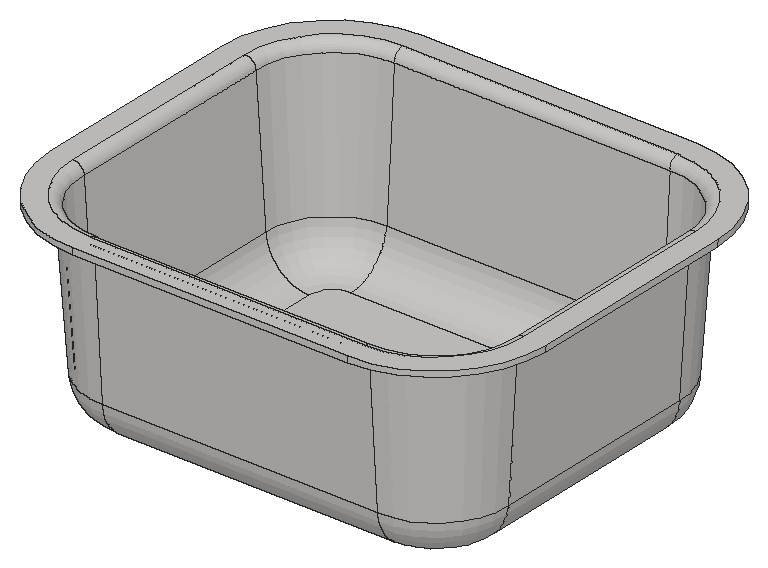
Revit family "Plum Fix_Sink_Argent_Kitchen_Tempo 450mm", category Plumbing Fixtures, Revit 2016
Family settings
  Part Type = Normal
  Round Connector Dimension = Use Diameter
  OmniClass Number = 23.45.05.14.14
  OmniClass Title = Sinks/Lavatories
  Work Plane-Based = No
  Always vertical = Yes
  Cut with Voids When Loaded = Yes
  Shared = No
  Room Calculation Point = No
Parameters (values of type "Stainless Steel")
  Waste Connection = yes
  WFU = 0
  Vent Connection = no
  URL = "https://www.argentaust.com.au/"
  Type Comments = "304 Stainless Steel Silk Mid Level Polish"
  ModifiedIssue_ANZRS = 20190726
  Model = "KS3044100"  # constant formula
  Manufacturer_URL__Product Specific = "https://www.argentaust.com.au/argent-sinks-top-mount-no-drainer-tempo-450-sink?item=8607"
  Manufacturer_Spec Code = Model  # "KS3044100"
  Manufacturer_Overall Width = 450 mm  # constant formula
  Manufacturer_Overall Height = 180 mm  # constant formula
  Manufacturer_Overall Depth = 395 mm  # constant formula
  Manufacturer_Height From FFL [instance] = 900 mm
  Manufacturer = "Argent"  # constant formula
  Keynote = ""
  HWFU = 0
  HW Connection = no
  CreatedBy_ANZRS = "IGS BIM Solutions"  # constant formula
  CreatedByURL_ANZRS = "https://igsgroup.com.au"
  Description = "Tempo 450 Sink"  # constant formula
  Cost = 0
  CWFU = 0
  CW Connection = no
  Body Material = z_Argent_Stainless Steel
  Assembly Code = ""
Reference planes
  plane 1 "Center (Front/Back)": y = -105
  plane 2 "Ref. Level": z = 0
  plane 3 "Front": y = -302.5
  plane 4 "Back": y = 92.5
  plane 5 "Right": x = -1.98
  plane 6 "Left": x = -451.98
  plane 7 "Top": z = 905
  plane 8 "Back Offset": y = 72.5
  plane 9 "Front Offset": y = -282.5
  plane 10 "Left Offset": x = -431.98
  plane 11 "Bottom": z = 725
  plane 12 "Right Offset": x = -21.98
  plane 13 "Center (Left/Right)": x = -226.98
  plane 14 "Top Offset": z = 900
Forms (mm)
  Extrusion 1, solid, material "z_Argent_Stainless Steel"
    sketch origin (-189.564, -1524, 100) x (-1, 0, 0) y (0, -1, 0)
      loop
        arc (162.416, -1616.5) -> (233.127, -1587.211) -> (262.416, -1516.5) r 100
        line (262.416, -1516.5) -> (262.416, -1321.5)
        arc (262.416, -1321.5) -> (233.127, -1250.789) -> (162.416, -1221.5) r 100
        line (162.416, -1221.5) -> (-87.584, -1221.5)
        arc (-87.584, -1221.5) -> (-158.295, -1250.789) -> (-187.584, -1321.5) r 100
        line (-187.584, -1321.5) -> (-187.584, -1516.5)
        arc (-187.584, -1516.5) -> (-158.295, -1587.211) -> (-87.584, -1616.5) r 100
        line (-87.584, -1616.5) -> (162.416, -1616.5)
      loop
        arc (162.416, -1596.5) -> (218.985, -1573.069) -> (242.416, -1516.5) r 80
        line (242.416, -1516.5) -> (242.416, -1321.5)
        arc (242.416, -1321.5) -> (218.985, -1264.931) -> (162.416, -1241.5) r 80
        line (162.416, -1241.5) -> (-87.584, -1241.5)
        arc (-87.584, -1241.5) -> (-144.153, -1264.931) -> (-167.584, -1321.5) r 80
        line (-167.584, -1321.5) -> (-167.584, -1516.5)
        arc (-167.584, -1516.5) -> (-144.153, -1573.069) -> (-87.584, -1596.5) r 80
        line (-87.584, -1596.5) -> (162.416, -1596.5)
    from 800 to 805
  Sweep 2, solid, material "z_Argent_Stainless Steel"
    path origin (-278.54, -1524, 725) x (-1, 0, 0) y (0, -1, 0)
      loop
        arc (153.44, -1321.5) -> (130.008, -1264.931) -> (73.44, -1241.5) r 80
        line (73.44, -1241.5) -> (-176.56, -1241.5)
        arc (-176.56, -1241.5) -> (-233.129, -1264.931) -> (-256.56, -1321.5) r 80
        line (-256.56, -1321.5) -> (-256.56, -1516.5)
        arc (-256.56, -1516.5) -> (-233.129, -1573.069) -> (-176.56, -1596.5) r 80
        line (-176.56, -1596.5) -> (73.44, -1596.5)
        arc (73.44, -1596.5) -> (130.008, -1573.069) -> (153.44, -1516.5) r 80
        line (153.44, -1516.5) -> (153.44, -1321.5)
    profile origin (-431.98, -105, 725) x (-1, 0, 0) y (0, 0, 1)
      loop
        line (4.663, 175) -> (15, 175) -> (15, 180) -> (0.001, 180)
        arc (0.001, 180) -> (-6.819, 177.314) -> (-9.975, 170.698) r 10
        line (-9.975, 170.698) -> (-18.961, 42.209)
        arc (-18.961, 42.209) -> (-31.584, 15.746) -> (-58.863, 5) r 40
        line (-58.863, 5) -> (-77.5, 5) -> (-77.5, 0) -> (-54.201, 0)
        arc (-54.201, 0) -> (-26.921, 10.746) -> (-14.298, 37.209) r 40
        line (-14.298, 37.209) -> (-5.312, 165.698)
        arc (-5.312, 165.698) -> (-2.157, 172.314) -> (4.663, 175) r 10
  Extrusion 3, solid, material "z_Argent_Stainless Steel"
    sketch origin (-278.54, -1524, 725) x (-1, 0, 0) y (0, -1, 0)
      loop
        arc (75.94, -1321.5) -> (75.207, -1319.732) -> (73.44, -1319) r 2.5
        line (73.44, -1319) -> (-176.56, -1319)
        arc (-176.56, -1319) -> (-178.328, -1319.732) -> (-179.06, -1321.5) r 2.5
        line (-179.06, -1321.5) -> (-179.06, -1516.5)
        arc (-179.06, -1516.5) -> (-178.328, -1518.268) -> (-176.56, -1519) r 2.5
        line (-176.56, -1519) -> (73.44, -1519)
        arc (73.44, -1519) -> (75.207, -1518.268) -> (75.94, -1516.5) r 2.5
        line (75.94, -1516.5) -> (75.94, -1321.5)
      loop
        circle (-51.56, -1419) r 50
    from 0 to 5
  Sweep 4, solid, material "z_Argent_Stainless Steel" <- "Body Material"
    path origin (-278.54, -1524, 725) x (-1, 0, 0) y (0, -1, 0)
      loop
        circle (-51.56, -1419) r 25
    profile origin (-226.98, -130, 725) x (0, 1, 0) y (0, 0, 1)
      loop
        line (-20, 0) -> (-20, 4.474) -> (-25, 5) -> (-25, 0) -> (-20, 0)
  Extrusion 5, void
    sketch origin (4204.313, -579.639, 900) x (0, -1, 0) y (1, 0, 0)
      loop
        line (-657.139, -4306.293) -> (-657.139, -4556.293)
        arc (-657.139, -4556.293) -> (-632.243, -4616.397) -> (-572.139, -4641.293) r 85
        line (-572.139, -4641.293) -> (-377.139, -4641.293)
        arc (-377.139, -4641.293) -> (-317.035, -4616.397) -> (-292.139, -4556.293) r 85
        line (-292.139, -4556.293) -> (-292.139, -4306.293)
        arc (-292.139, -4306.293) -> (-317.035, -4246.188) -> (-377.139, -4221.293) r 85
        line (-377.139, -4221.293) -> (-572.139, -4221.293)
        arc (-572.139, -4221.293) -> (-632.243, -4246.188) -> (-657.139, -4306.293) r 85
    from 0 to -175
Cuts and joins
  joined: Extrusion 1, Sweep 2, Extrusion 3
Lines and regions (mm)
  Masking region 1
    outline origin (0, -302.5, 0) x (-1, 0, 0) y (0, 0, 1)
      loop
        arc (426.669, 890.698) -> (429.824, 897.314) -> (436.644, 900) r 10
        line (436.644, 900) -> (451.98, 900) -> (451.98, 905) -> (1.98, 905) -> (1.98, 900) -> (17.316, 900)
        arc (17.316, 900) -> (24.136, 897.314) -> (27.291, 890.698) r 10
        line (27.291, 890.698) -> (36.276, 762.21)
        arc (36.276, 762.21) -> (48.899, 735.746) -> (76.179, 725) r 40
        line (76.179, 725) -> (377.781, 725)
        arc (377.781, 725) -> (405.061, 735.746) -> (417.684, 762.21) r 40
        line (417.684, 762.21) -> (426.669, 890.698)
  Masking region 2
    outline origin (0, 0, 905) x (0, -1, 0) y (1, 0, 0)
      loop
        line (302.5, -351.98) -> (302.5, -101.98)
        arc (302.5, -101.98) -> (273.211, -31.269) -> (202.5, -1.98) r 100
        line (202.5, -1.98) -> (7.5, -1.98)
        arc (7.5, -1.98) -> (-63.211, -31.269) -> (-92.5, -101.98) r 100
        line (-92.5, -101.98) -> (-92.5, -351.98)
        arc (-92.5, -351.98) -> (-63.211, -422.691) -> (7.5, -451.98) r 100
        line (7.5, -451.98) -> (202.5, -451.98)
        arc (202.5, -451.98) -> (273.211, -422.691) -> (302.5, -351.98) r 100
  Masking region 3
    outline origin (-1.98, 0, 0) x (0, 1, 0) y (0, 0, 1)
      loop
        line (-256.402, 725) -> (46.402, 725)
        arc (46.402, 725) -> (53.253, 727.716) -> (56.383, 734.388) r 10
        line (56.383, 734.388) -> (67.187, 890.612)
        arc (67.187, 890.612) -> (70.317, 897.284) -> (77.168, 900) r 10
        line (77.168, 900) -> (92.5, 900) -> (92.5, 905) -> (-302.5, 905) -> (-302.5, 900) -> (-287.168, 900)
        arc (-287.168, 900) -> (-280.317, 897.284) -> (-277.187, 890.612) r 10
        line (-277.187, 890.612) -> (-266.383, 734.388)
        arc (-266.383, 734.388) -> (-263.253, 727.716) -> (-256.402, 725) r 10
  symbolic lines, style "Basins/Sinks/Tubs", detail levels fine
    curve 1: arc (-431.98, -7.5, 905) -> (-408.549, 49.069, 905) -> (-351.98, 72.5, 905) r 80
    curve 2: line (-351.98, 72.5, 905) -> (-101.98, 72.5, 905)
    curve 3: line (-21.98, -7.5, 905) -> (-21.98, -202.5, 905)
    curve 4: line (-101.98, -282.5, 905) -> (-351.98, -282.5, 905)
    curve 5: arc (-351.98, -282.5, 905) -> (-408.549, -259.069, 905) -> (-431.98, -202.5, 905) r 80
    curve 6: line (-431.98, -202.5, 905) -> (-431.98, -7.5, 905)
    curve 12: arc (-21.98, -7.5, 905) -> (-45.411, 49.069, 905) -> (-101.98, 72.5, 905) r 80
    curve 13: arc (-101.98, -282.5, 905) -> (-45.411, -259.069, 905) -> (-21.98, -202.5, 905) r 80
    curve 15: circle (-226.98, -105, 905) r 50 normal (0, 0, 1)
  symbolic lines, style "Basins/Sinks/Tubs", detail levels medium+fine
    curve 7: line (-451.98, -302.5, 905) -> (-1.98, -302.5, 905)
    curve 8: line (-451.98, -302.5, 900) -> (-451.98, -302.5, 905)
    curve 9: line (-1.98, -302.5, 900) -> (-451.98, -302.5, 900)
    curve 10: line (-1.98, -302.5, 905) -> (-1.98, -302.5, 900)
    curve 11: line (-1.98, 92.5, 900) -> (-1.98, -302.5, 900)
    curve 14: circle (-226.98, -105, 905) r 45 normal (0, 0, 1)
Text (mm)
  text "Disclaimer:\n\nDue to ongoing product development and manufacturing evolution, product details are subject to change without notice. Please refer to product technical data sheets on the manufacturer’s website for the most current product information. Please allow a +/- 5mm manufacturing tolerance for dimensions and set-outs shown in product literature." at (80.42, 18.661, 0), in view "Ref. Level_Instruction"
Dimensions and locks
  equal spacing: plane 3 "Front", plane 1 "Center (Front/Back)", plane 4 "Back"
  "Manufacturer_Overall Depth": plane 3 "Front" to plane 4 "Back"
  "Manufacturer_Height From FFL": plane 14 "Top Offset" to plane 2 "Ref. Level"
  locked: plane 6 "Left" to plane 10 "Left Offset" at 20
  locked: plane 8 "Back Offset" to plane 4 "Back" at 20
  locked: plane 3 "Front" to plane 9 "Front Offset" at 20
  "Manufacturer_Overall Height": plane 7 "Top" to plane 11 "Bottom"
  equal spacing: Extrusion 3 sketch curve, Extrusion 3 sketch curve, Extrusion 3 sketch curve
  "Manufacturer_Overall Width": plane 6 "Left" to plane 5 "Right"
  locked: plane 7 "Top" to plane 14 "Top Offset" at 5
  equal spacing: plane 6 "Left", plane 13 "Center (Left/Right)", plane 5 "Right"
  locked: plane 12 "Right Offset" to plane 5 "Right" at 20
  plane 8 "Back Offset" to plane 9 "Front Offset" = 355 mm
  plane 10 "Left Offset" to plane 12 "Right Offset" = 410 mm
  radius of Extrusion 1 sketch curve = 80 mm  (x2)
  aligned and locked: plane 4 "Back" to Extrusion 1 sketch curve
  aligned and locked: plane 6 "Left" to Extrusion 1 sketch curve
  aligned and locked: Extrusion 1 sketch curve to plane 3 "Front"
  aligned and locked: Extrusion 1 sketch curve to plane 10 "Left Offset"
  aligned and locked: plane 8 "Back Offset" to Extrusion 1 sketch curve
  aligned and locked: Extrusion 1 sketch curve to plane 9 "Front Offset"
  aligned and locked: plane 7 "Top" to Extrusion 1
  aligned and locked: Sweep 2 sketch curve to Extrusion 1  (x2)
  aligned and locked: Extrusion 3 to plane 11 "Bottom"
  aligned and locked: Sweep 2 to Extrusion 3 sketch curve
  aligned and locked: Extrusion 3 sketch curve to Sweep 2  (x2)
  aligned and locked: plane 11 "Bottom" to Masking region 1 sketch curve
  aligned and locked: Masking region 1 sketch curve to cut or joined group of Extrusion 1, Sweep 2, Extrusion 3  (x3)
  aligned and locked: plane 6 "Left" to Masking region 1 sketch curve
  aligned and locked: Sweep 2 sketch curve to cut or joined group of Extrusion 1, Sweep 2, Extrusion 3  (x2)
  aligned and locked: cut or joined group of Extrusion 1, Sweep 2, Extrusion 3 to curve 9
  aligned and locked: plane 11 "Bottom" to Sweep 4 sketch curve
  aligned and locked: cut or joined group of Extrusion 1, Sweep 2, Extrusion 3 to plane 14 "Top Offset"
  aligned and locked: Extrusion 5 to cut or joined group of Extrusion 1, Sweep 2, Extrusion 3
  aligned and locked: Extrusion 5 to plane 11 "Bottom"
  aligned and locked: plane 13 "Center (Left/Right)" to nested 1
  aligned and locked: nested 1 to plane 1 "Center (Front/Back)"
  aligned and locked: cut or joined group of Extrusion 1, Sweep 2, Extrusion 3 to nested 1
Automatic sketch dimensions
  curve 9 to plane 6 "Left" = 0 mm
  curve 8 to plane 7 "Top" = 0 mm
  curve 11 to plane 3 "Front" = 0 mm
  curve 11 to plane 4 "Back" = 0 mm
  Extrusion 1 sketch curve to Extrusion 1 sketch curve = 0 mm  (x7)
  Extrusion 1 sketch curve to plane 12 "Right Offset" = 0 mm
  plane 12 "Right Offset" to Extrusion 1 sketch curve = 80 mm
  plane 9 "Front Offset" to Extrusion 1 sketch curve = 80 mm
  Sweep 2 sketch curve to plane 12 "Right Offset" = 0 mm
  plane 9 "Front Offset" to Sweep 2 sketch curve = 80 mm
  plane 12 "Right Offset" to Sweep 2 sketch curve = 80 mm
  curve 10 to plane 5 "Right" = 0 mm
  profile plane to Sweep 4 sketch curve = 25 mm
  profile plane to Sweep 4 sketch curve = 20 mm
  Sweep 4 sketch curve to Sweep 4 sketch curve = 4.474 mm
  Sweep 4 sketch curve to Sweep 4 sketch curve = 0.526 mm
  Masking region 1 sketch curve to plane 5 "Right" = 0 mm
  Masking region 1 sketch curve to plane 12 "Right Offset" = 4.664 mm
  plane 12 "Right Offset" to Masking region 1 sketch curve = 5.311 mm
  plane 11 "Bottom" to Masking region 1 sketch curve = 37.21 mm  (x2)
  plane 12 "Right Offset" to Masking region 1 sketch curve = 14.296 mm
  Masking region 1 sketch curve to Masking region 1 sketch curve = 39.903 mm  (x2)
  plane 10 "Left Offset" to Masking region 1 sketch curve = 54.199 mm
  plane 10 "Left Offset" to Masking region 1 sketch curve = 5.311 mm
  Masking region 1 sketch curve to plane 10 "Left Offset" = 4.664 mm
  Masking region 1 sketch curve to Masking region 1 sketch curve = 10 mm  (x2)
  plane 1 "Center (Front/Back)" to Sweep 4 sketch curve = 0 mm
  Sweep 4 sketch curve to plane 13 "Center (Left/Right)" = 0 mm
  curve 11 to plane 7 "Top" = 5 mm
  Masking region 3 sketch curve to plane 3 "Front" = 0 mm
  Masking region 3 sketch curve to plane 11 "Bottom" = 0 mm
  Masking region 3 sketch curve to plane 4 "Back" = 0 mm
  Masking region 3 sketch curve to plane 7 "Top" = 0 mm
  Masking region 3 sketch curve to plane 9 "Front Offset" = 4.668 mm
  plane 9 "Front Offset" to Masking region 3 sketch curve = 5.313 mm
  plane 11 "Bottom" to Masking region 3 sketch curve = 9.388 mm  (x2)
  plane 9 "Front Offset" to Masking region 3 sketch curve = 16.117 mm
  plane 11 "Bottom" to Masking region 3 sketch curve = 10 mm  (x2)
  Masking region 3 sketch curve to plane 8 "Back Offset" = 26.098 mm
  Masking region 3 sketch curve to plane 8 "Back Offset" = 5.313 mm
  plane 8 "Back Offset" to Masking region 3 sketch curve = 4.668 mm
  Masking region 3 sketch curve to plane 7 "Top" = 15 mm  (x2)
  Masking region 3 sketch curve to Masking region 3 sketch curve = 0.612 mm  (x2)
  plane 8 "Back Offset" to Extrusion 5 sketch curve = 5 mm
  Extrusion 5 sketch curve to plane 10 "Left Offset" = 5 mm
  Extrusion 5 sketch curve to plane 8 "Back Offset" = 80 mm  (x2)
  plane 9 "Front Offset" to Extrusion 5 sketch curve = 80 mm  (x2)
  Extrusion 5 sketch curve to plane 9 "Front Offset" = 5 mm
  plane 12 "Right Offset" to Extrusion 5 sketch curve = 80 mm
  Sweep 2 sketch curve to plane 11 "Bottom" = 0 mm
  plane 11 "Bottom" to Sweep 2 sketch curve = 5 mm
  profile plane to Sweep 2 sketch curve = 77.5 mm
  Sweep 2 sketch curve to Sweep 2 sketch curve = 18.637 mm
  Sweep 2 sketch curve to Sweep 2 sketch curve = 4.663 mm  (x2)
  plane 11 "Bottom" to Sweep 2 sketch curve = 42.209 mm
  Sweep 2 sketch curve to Sweep 2 sketch curve = 35.24 mm
  plane 11 "Bottom" to Sweep 2 sketch curve = 37.209 mm
  profile plane to Sweep 2 sketch curve = 9.975 mm
  profile plane to Sweep 2 sketch curve = 5.312 mm
  Sweep 2 sketch curve to profile plane = 0.001 mm
  Sweep 2 sketch curve to profile plane = 4.663 mm
  Sweep 2 sketch curve to Sweep 2 sketch curve = 10.337 mm
  Sweep 2 sketch curve to Sweep 2 sketch curve = 0.698 mm
  Sweep 2 sketch curve to Sweep 2 sketch curve = 4.302 mm
  plane 1 "Center (Front/Back)" to Extrusion 3 sketch curve = 0 mm
  Extrusion 3 sketch curve to Extrusion 3 sketch curve = 2.5 mm  (x2)
  plane 4 "Back" to Masking region 2 sketch curve = 0 mm
  Masking region 2 sketch curve to plane 5 "Right" = 0 mm
  Masking region 2 sketch curve to plane 6 "Left" = 0 mm
  plane 3 "Front" to Masking region 2 sketch curve = 0 mm
  Masking region 2 sketch curve to plane 8 "Back Offset" = 80 mm  (x2)
  plane 9 "Front Offset" to Masking region 2 sketch curve = 80 mm  (x2)
  curve 14 to curve 15 = 0 mm  (x2)
  curve 2 to plane 8 "Back Offset" = 0 mm
  curve 3 to plane 12 "Right Offset" = 0 mm
  curve 1 to plane 10 "Left Offset" = 0 mm
  plane 1 "Center (Front/Back)" to curve 14 = 0 mm
  curve 4 to plane 9 "Front Offset" = 0 mm
  curve 14 to plane 13 "Center (Left/Right)" = 0 mm
  curve 3 to plane 8 "Back Offset" = 80 mm
  curve 1 to curve 1 = 80 mm
  plane 9 "Front Offset" to curve 6 = 80 mm
  plane 9 "Front Offset" to curve 3 = 80 mm
  radius of Sweep 4 sketch curve = 25 mm
  radius of Extrusion 3 sketch curve = 50 mm
  radius of curve 14 = 45 mm
  radius of curve 15 = 50 mm
Nested families
  nested 1: "Plum Fix_Waste_Argent_Pop Up Waste 90mm" at (-264.411, 131.14, 669.512), type "Chrome"
    with Manufacturer_Height From FFL 0 mm
Connectors
  piping at (-226.98, -105, 681.512), diameter 90
    settings: on nested 1, index 2, connector inside diameter 609.6 mm, connector length 0 mm, flow factor 0, pipe flow 0.000 L/s, pressure drop 0.0 Pa, fitting loss kfactor 0, connector angle 0.00°, fixture units 0, engagement length 0 mm, angle of deflection 0.00°, flow configuration 2, flow direction 2, fitting loss method 4, system type 16, joint type 0, gender type 0, connector reference index -1, connector utility 0, adjustable connector no, is connector primary yes, connector description "Waste Outlet"
Definition of nested family "Plum Fix_Waste_Argent_Pop Up Waste 90mm"
  Parameters (values of type "Chrome")
    Waste Connection = yes
    WFU = 0
    Vent Connection = no
    URL = "https://www.argentaust.com.au/"
    Type Comments = "Chrome finish"  # constant formula
    ModifiedIssue_ANZRS = 20190423
    Model = "K316-D"  # constant formula
    Manufacturer_URL__Product Specific = "https://www.argentaust.com.au/argent-basins-bottletraps-wastes-pop-waste-32mm-2-piece?item=8546"
    Manufacturer_Spec Code = Model  # "K316-D"
    Manufacturer_Overall Width = 94 mm  # constant formula
    Manufacturer_Overall Height = 65 mm  # constant formula
    Manufacturer_Overall Depth = 94 mm  # constant formula
    Manufacturer_Height From FFL [instance] = 0 mm
    Manufacturer = "Argent"  # constant formula
    Keynote = ""
    HWFU = 0
    HW Connection = no
    Description = "Pop-Up Waste 32mm 2 Piece"  # constant formula
    CreatedBy_ANZRS = "IGS BIM Solutions"  # constant formula
    CreatedByURL_ANZRS = "https://igsgroup.com.au/"
    Cost = 0
    CWFU = 0
    CW Connection = no
    Body Material = none
    Assembly Code = ""
  Reference planes
    plane 1 "Ref. Level": z = 0
    plane 2 "Bottom": z = 0
    plane 3 "Center (Left/Right)": x = 37.431
    plane 4 "Center of tap": y = -236.14
    plane 5 "Top": z = 65
    plane 6 "Top Offset": z = 50
    plane 7 "Bottom Offset": z = 12
    plane 8 "Top Offset Ref.": z = 60.488
    plane 9 "Back": y = -189.14
    plane 10 "Front": y = -283.14
    plane 11 "Left": x = -9.569
    plane 12 "Right": x = 84.431
  Forms (mm)
    Revolve 1, solid, material <- "Body Material"
      sketch origin (0, -236.14, 0) x (-1, 0, 0) y (0, 0, 1)
        loop
          line (-37.431, 0) -> (-6.931, 0) -> (-6.931, 12) -> (-37.431, 12) -> (-37.431, 0)
        axis (-37.431, 12) -> (-37.431, 0)
      angle from 0 to 360
    Revolve 2, solid, material <- "Body Material"
      sketch origin (0, -236.14, 26.351) x (-1, 0, 0) y (0, 0, 1)
        loop
          arc (7.537, 24.813) -> (7.89, 24.96) -> (8.037, 25.313) r 0.5
          line (8.037, 25.313) -> (8.037, 28.313)
          arc (8.037, 28.313) -> (7.89, 28.667) -> (7.537, 28.813) r 0.5
          line (7.537, 28.813) -> (-37.431, 28.813) -> (-37.431, 24.813) -> (7.537, 24.813)
        axis (-37.431, 28.813) -> (-37.431, 24.813)
      angle from 0 to 360
    Revolve 3, solid, material <- "Body Material"
      sketch origin (0, -236.14, 26.351) x (-1, 0, 0) y (0, 0, 1)
        loop
          line (7.529, 21.197) -> (7.529, 22.412)
          arc (7.529, 22.412) -> (7.393, 22.889) -> (7.024, 23.22) r 0.899
          line (7.024, 23.22) -> (3.759, 24.813) -> (-37.431, 24.813) -> (-37.431, 21.197) -> (7.529, 21.197)
        loop
          line (-37.431, 31.894) -> (2.072, 31.894) -> (2.072, 34.137) -> (-37.431, 34.137) -> (-37.431, 31.894)
        axis (-37.431, 34.137) -> (-37.431, 21.197)
      angle from 0 to 360
    Revolve 4, solid, material <- "Body Material"
      sketch origin (0, -236.14, 26.351) x (-1, 0, 0) y (0, 0, 1)
        loop
          line (1.539, -13.831) -> (1.539, 12.981)
          arc (1.539, 12.981) -> (1.741, 13.592) -> (2.266, 13.964) r 1.028
          line (2.266, 13.964) -> (9.11, 16.056)
          arc (9.11, 16.056) -> (9.442, 16.291) -> (9.569, 16.677) r 0.649
          line (9.569, 16.677) -> (9.569, 20.697)
          arc (9.569, 20.697) -> (9.423, 21.05) -> (9.069, 21.197) r 0.5
          line (9.069, 21.197) -> (-37.431, 21.197) -> (-37.431, -14.351) -> (1.019, -14.351)
          arc (1.019, -14.351) -> (1.387, -14.199) -> (1.539, -13.831) r 0.52
        loop
          line (-37.431, 31.894) -> (-37.431, 28.813) -> (0.705, 28.813) -> (5.535, 30.107) -> (9.069, 30.107)
          arc (9.069, 30.107) -> (9.423, 30.254) -> (9.569, 30.607) r 0.5
          line (9.569, 30.607) -> (9.569, 31.394)
          arc (9.569, 31.394) -> (9.423, 31.748) -> (9.069, 31.894) r 0.5
          line (9.069, 31.894) -> (-37.431, 31.894)
        loop
          line (-37.431, 34.139) -> (8.969, 34.139)
          arc (8.969, 34.139) -> (9.394, 34.315) -> (9.569, 34.739) r 0.6
          line (9.569, 34.739) -> (9.569, 35.555)
          arc (9.569, 35.555) -> (9.431, 35.934) -> (9.082, 36.135) r 0.589
          arc (9.082, 36.135) -> (-5.344, 38.019) -> (-19.88, 38.649) r 168.122
          line (-19.88, 38.649) -> (-37.431, 38.649) -> (-37.431, 34.139)
        axis (-37.431, 38.649) -> (-37.431, -14.351)
      angle from 0 to 360
  Lines and regions (mm)
    Masking region 1
      outline origin (0, -283.14, 0) x (-1, 0, 0) y (0, 0, 1)
        loop
          line (-67.931, 0) -> (-6.931, 0) -> (-6.931, 12) -> (1.069, 12)
          arc (1.069, 12) -> (1.423, 12.146) -> (1.569, 12.5) r 0.5
          line (1.569, 12.5) -> (1.569, 39.369)
          arc (1.569, 39.369) -> (1.765, 39.964) -> (2.277, 40.326) r 1
          line (2.277, 40.326) -> (9.122, 42.418)
          arc (9.122, 42.418) -> (9.445, 42.647) -> (9.569, 43.023) r 0.632
          line (9.569, 43.023) -> (9.569, 47.048)
          arc (9.569, 47.048) -> (9.423, 47.401) -> (9.069, 47.548) r 0.5
          line (9.069, 47.548) -> (7.526, 47.548) -> (7.526, 48.713)
          arc (7.526, 48.713) -> (7.377, 49.232) -> (6.976, 49.594) r 0.98
          line (6.976, 49.594) -> (3.756, 51.164) -> (7.537, 51.164)
          arc (7.537, 51.164) -> (7.89, 51.311) -> (8.037, 51.664) r 0.5
          line (8.037, 51.664) -> (8.037, 54.664)
          arc (8.037, 54.664) -> (7.89, 55.018) -> (7.537, 55.164) r 0.5
          line (7.537, 55.164) -> (0.705, 55.164) -> (5.535, 56.458) -> (9.069, 56.458)
          arc (9.069, 56.458) -> (9.423, 56.605) -> (9.569, 56.958) r 0.5
          line (9.569, 56.958) -> (9.569, 57.746)
          arc (9.569, 57.746) -> (9.423, 58.099) -> (9.069, 58.246) r 0.5
          line (9.069, 58.246) -> (2.069, 58.246) -> (2.069, 60.488) -> (9.069, 60.488)
          arc (9.069, 60.488) -> (9.423, 60.635) -> (9.569, 60.988) r 0.5
          line (9.569, 60.988) -> (9.569, 62.465)
          arc (9.569, 62.465) -> (-4.603, 64.145) -> (-18.849, 65) r 246.044
          line (-18.849, 65) -> (-56.012, 65)
          arc (-56.012, 65) -> (-70.258, 64.145) -> (-84.431, 62.465) r 246.044
          line (-84.431, 62.465) -> (-84.431, 60.988)
          arc (-84.431, 60.988) -> (-84.284, 60.635) -> (-83.931, 60.488) r 0.5
          line (-83.931, 60.488) -> (-76.931, 60.488) -> (-76.931, 58.246) -> (-83.931, 58.246)
          arc (-83.931, 58.246) -> (-84.284, 58.099) -> (-84.431, 57.746) r 0.5
          line (-84.431, 57.746) -> (-84.431, 56.958)
          arc (-84.431, 56.958) -> (-84.284, 56.605) -> (-83.931, 56.458) r 0.5
          line (-83.931, 56.458) -> (-80.396, 56.458) -> (-75.567, 55.164) -> (-82.398, 55.164)
          arc (-82.398, 55.164) -> (-82.752, 55.018) -> (-82.898, 54.664) r 0.5
          line (-82.898, 54.664) -> (-82.898, 51.664)
          arc (-82.898, 51.664) -> (-82.752, 51.311) -> (-82.398, 51.164) r 0.5
          line (-82.398, 51.164) -> (-78.618, 51.164) -> (-81.837, 49.594)
          arc (-81.837, 49.594) -> (-82.239, 49.232) -> (-82.388, 48.713) r 0.98
          line (-82.388, 48.713) -> (-82.388, 47.548) -> (-83.931, 47.548)
          arc (-83.931, 47.548) -> (-84.284, 47.401) -> (-84.431, 47.048) r 0.5
          line (-84.431, 47.048) -> (-84.431, 43.023)
          arc (-84.431, 43.023) -> (-84.307, 42.647) -> (-83.983, 42.418) r 0.632
          line (-83.983, 42.418) -> (-77.138, 40.326)
          arc (-77.138, 40.326) -> (-76.627, 39.964) -> (-76.431, 39.369) r 1
          line (-76.431, 39.369) -> (-76.431, 12.5)
          arc (-76.431, 12.5) -> (-76.284, 12.146) -> (-75.931, 12) r 0.5
          line (-75.931, 12) -> (-67.931, 12) -> (-67.931, 0)
    Masking region 2
      outline origin (0, 0, 65) x (-1, 0, 0) y (0, -1, 0)
        loop
          circle (-37.431, 236.14) r 47
    Masking region 3
      outline origin (84.431, 0, 0) x (0, -1, 0) y (0, 0, 1)
        loop
          line (275.643, 60.488) -> (282.64, 60.488)
          arc (282.64, 60.488) -> (282.994, 60.635) -> (283.14, 60.988) r 0.5
          line (283.14, 60.988) -> (283.14, 62.347)
          arc (283.14, 62.347) -> (270.534, 64.25) -> (257.807, 65) r 140.231
          line (257.807, 65) -> (214.474, 65)
          arc (214.474, 65) -> (201.747, 64.25) -> (189.14, 62.347) r 140.231
          line (189.14, 62.347) -> (189.14, 60.988)
          arc (189.14, 60.988) -> (189.287, 60.635) -> (189.64, 60.488) r 0.5
          line (189.64, 60.488) -> (196.637, 60.488) -> (196.637, 58.246) -> (189.64, 58.246)
          arc (189.64, 58.246) -> (189.287, 58.099) -> (189.14, 57.746) r 0.5
          line (189.14, 57.746) -> (189.14, 56.958)
          arc (189.14, 56.958) -> (189.287, 56.605) -> (189.64, 56.458) r 0.5
          line (189.64, 56.458) -> (193.136, 56.458) -> (197.966, 55.164) -> (191.19, 55.164)
          arc (191.19, 55.164) -> (190.837, 55.018) -> (190.69, 54.664) r 0.5
          line (190.69, 54.664) -> (190.69, 51.664)
          arc (190.69, 51.664) -> (190.837, 51.311) -> (191.19, 51.164) r 0.5
          line (191.19, 51.164) -> (194.966, 51.164) -> (191.663, 49.554)
          arc (191.663, 49.554) -> (191.335, 49.259) -> (191.214, 48.835) r 0.8
          line (191.214, 48.835) -> (191.214, 47.548) -> (189.64, 47.548)
          arc (189.64, 47.548) -> (189.287, 47.401) -> (189.14, 47.048) r 0.5
          line (189.14, 47.048) -> (189.14, 43.061)
          arc (189.14, 43.061) -> (189.278, 42.645) -> (189.636, 42.391) r 0.7
          line (189.636, 42.391) -> (196.433, 40.313)
          arc (196.433, 40.313) -> (196.944, 39.952) -> (197.14, 39.357) r 1
          line (197.14, 39.357) -> (197.14, 12.5)
          arc (197.14, 12.5) -> (197.287, 12.146) -> (197.64, 12) r 0.5
          line (197.64, 12) -> (205.64, 12) -> (205.64, 0) -> (266.64, 0) -> (266.64, 12) -> (274.64, 12)
          arc (274.64, 12) -> (274.994, 12.146) -> (275.14, 12.5) r 0.5
          line (275.14, 12.5) -> (275.14, 39.357)
          arc (275.14, 39.357) -> (275.336, 39.952) -> (275.848, 40.313) r 1
          line (275.848, 40.313) -> (282.645, 42.391)
          arc (282.645, 42.391) -> (283.003, 42.645) -> (283.14, 43.061) r 0.7
          line (283.14, 43.061) -> (283.14, 47.048)
          arc (283.14, 47.048) -> (282.994, 47.401) -> (282.64, 47.548) r 0.5
          line (282.64, 47.548) -> (281.067, 47.548) -> (281.067, 48.835)
          arc (281.067, 48.835) -> (280.945, 49.259) -> (280.617, 49.554) r 0.8
          line (280.617, 49.554) -> (277.315, 51.164) -> (281.09, 51.164)
          arc (281.09, 51.164) -> (281.444, 51.311) -> (281.59, 51.664) r 0.5
          line (281.59, 51.664) -> (281.59, 54.664)
          arc (281.59, 54.664) -> (281.444, 55.018) -> (281.09, 55.164) r 0.5
          line (281.09, 55.164) -> (274.315, 55.164) -> (279.145, 56.458) -> (282.64, 56.458)
          arc (282.64, 56.458) -> (282.994, 56.605) -> (283.14, 56.958) r 0.5
          line (283.14, 56.958) -> (283.14, 57.746)
          arc (283.14, 57.746) -> (282.994, 58.099) -> (282.64, 58.246) r 0.5
          line (282.64, 58.246) -> (275.643, 58.246) -> (275.643, 60.488)
    symbolic lines, detail levels medium+fine
      curve 1: line (-2.069, -283.14, 60.488) -> (76.931, -283.14, 60.488)
      curve 2: line (-2.069, -283.14, 58.246) -> (76.931, -283.14, 58.246)
      curve 3: line (-5.535, -283.14, 56.458) -> (80.396, -283.14, 56.458)
      curve 4: line (75.567, -283.14, 55.164) -> (-0.705, -283.14, 55.164)
      curve 5: line (-3.756, -283.14, 51.164) -> (78.618, -283.14, 51.164)
      curve 6: line (82.388, -283.14, 47.548) -> (-7.526, -283.14, 47.548)
      curve 8: line (84.431, -275.643, 60.488) -> (84.431, -196.637, 60.488)
      curve 9: line (84.431, -196.637, 58.265) -> (84.431, -275.643, 58.265)
      curve 10: line (84.431, -279.145, 56.458) -> (84.431, -193.136, 56.458)
      curve 11: line (84.431, -197.966, 55.164) -> (84.431, -274.315, 55.164)
      curve 12: line (84.431, -277.315, 51.164) -> (84.431, -194.966, 51.164)
      curve 13: line (84.431, -191.214, 47.548) -> (84.431, -281.067, 47.548)
    symbolic lines, detail levels fine
      curve 7: line (67.931, -283.14, 12) -> (6.931, -283.14, 12)
      curve 14: line (84.431, -266.64, 12) -> (84.431, -205.64, 12)
  Text (mm)
    text "Disclaimer:\n\nDue to ongoing product development and manufacturing evolution, product details are subject to change without notice. Please refer to product technical data sheets on the manufacturer’s website for the most current product information. Please allow a +/- 5mm manufacturing tolerance for dimensions and set-outs shown in product literature." at (114.034, -167.777, 0), in view "Ref. Level_Instruction"
  Dimensions and locks
    "Manufacturer_Height From FFL": plane 2 "Bottom" to plane 1 "Ref. Level"
    "Manufacturer_Overall Height": plane 5 "Top" to plane 2 "Bottom"
    locked: plane 7 "Bottom Offset" to plane 2 "Bottom" at 12
    locked: plane 5 "Top" to plane 6 "Top Offset" at 15
    locked: plane 5 "Top" to plane 8 "Top Offset Ref." at 4.512
    equal spacing: plane 9 "Back", plane 4 "Center of tap", plane 10 "Front"
    "Manufacturer_Overall Depth": plane 9 "Back" to plane 10 "Front"
    equal spacing: plane 11 "Left", plane 3 "Center (Left/Right)", plane 12 "Right"
    "Manufacturer_Overall Width": plane 11 "Left" to plane 12 "Right"
    aligned and locked: plane 2 "Bottom" to Revolve 1 sketch curve
    aligned and locked: plane 7 "Bottom Offset" to Revolve 1 sketch curve
    aligned and locked: plane 4 "Center of tap" to Masking region 2 sketch curve
    aligned and locked: plane 3 "Center (Left/Right)" to Masking region 2 sketch curve
    aligned and locked: plane 2 "Bottom" to Masking region 3
  Automatic sketch dimensions
    plane 3 "Center (Left/Right)" to Revolve 3 sketch curve = 0 mm  (x3)
    plane 6 "Top Offset" to Revolve 3 sketch curve = 1.164 mm
    Revolve 3 sketch curve to plane 6 "Top Offset" = 1.236 mm
    Revolve 3 sketch curve to plane 6 "Top Offset" = 0.428 mm
    Revolve 3 sketch curve to Revolve 3 sketch curve = 0.394 mm
    Revolve 3 sketch curve to Revolve 3 sketch curve = 1.216 mm
    Revolve 3 sketch curve to plane 5 "Top" = 6.754 mm
    Revolve 3 sketch curve to Revolve 3 sketch curve = 2.243 mm
    plane 7 "Bottom Offset" to Revolve 3 sketch curve = 14.351 mm
    plane 5 "Top" to Revolve 3 sketch curve = 7.35 mm
    plane 3 "Center (Left/Right)" to Revolve 2 sketch curve = 0 mm  (x2)
    plane 6 "Top Offset" to Revolve 2 sketch curve = 1.164 mm
    Revolve 2 sketch curve to Revolve 2 sketch curve = 0.5 mm
    Revolve 2 sketch curve to Revolve 2 sketch curve = 3 mm
    plane 7 "Bottom Offset" to Revolve 2 sketch curve = 14.351 mm
    plane 5 "Top" to Revolve 2 sketch curve = 7.35 mm
    Revolve 4 sketch curve to plane 3 "Center (Left/Right)" = 0 mm
    plane 3 "Center (Left/Right)" to Revolve 4 sketch curve = 0 mm  (x3)
    Revolve 4 sketch curve to plane 5 "Top" = 0 mm
    Revolve 4 sketch curve to plane 7 "Bottom Offset" = 0 mm
    Revolve 4 sketch curve to Revolve 4 sketch curve = 17.551 mm
    plane 7 "Bottom Offset" to Revolve 4 sketch curve = 0.52 mm
    Revolve 4 sketch curve to Revolve 4 sketch curve = 0.727 mm
    Revolve 4 sketch curve to Revolve 4 sketch curve = 0.3 mm
    Revolve 4 sketch curve to Revolve 4 sketch curve = 0.649 mm
    Revolve 4 sketch curve to Revolve 4 sketch curve = 0.5 mm  (x3)
    Revolve 4 sketch curve to plane 2 "Bottom" = 103.122 mm
    Revolve 4 sketch curve to plane 6 "Top Offset" = 10.668 mm
    Revolve 4 sketch curve to Revolve 4 sketch curve = 2.092 mm
    Revolve 4 sketch curve to plane 6 "Top Offset" = 2.952 mm
    plane 6 "Top Offset" to Revolve 4 sketch curve = 5.164 mm
    Revolve 4 sketch curve to Revolve 4 sketch curve = 1.294 mm
    Revolve 4 sketch curve to Revolve 4 sketch curve = 0.787 mm
    Revolve 4 sketch curve to Revolve 4 sketch curve = 2.245 mm
    Revolve 4 sketch curve to Revolve 4 sketch curve = 0.816 mm
    Revolve 4 sketch curve to Revolve 4 sketch curve = 45.999 mm
    Revolve 4 sketch curve to level = 357.65 mm
    plane 6 "Top Offset" to Revolve 2 sketch curve = 5.164 mm
    Revolve 2 sketch curve to plane 11 "Left" = 2.032 mm
    Revolve 3 sketch curve to plane 11 "Left" = 7.497 mm
    Revolve 3 sketch curve to Revolve 3 sketch curve = 1.687 mm
    Revolve 3 sketch curve to Revolve 3 sketch curve = 2.871 mm
    Revolve 4 sketch curve to Revolve 4 sketch curve = 20.585 mm
    Revolve 4 sketch curve to plane 11 "Left" = 8.55 mm
    Revolve 4 sketch curve to Revolve 4 sketch curve = 4.83 mm
    Revolve 4 sketch curve to Revolve 4 sketch curve = 6.654 mm
    plane 8 "Top Offset Ref." to Revolve 4 sketch curve = 0.602 mm
    Revolve 4 sketch curve to Revolve 4 sketch curve = 3.434 mm
    Revolve 4 sketch curve to Revolve 4 sketch curve = 0.589 mm
    Revolve 4 sketch curve to Revolve 4 sketch curve = 3.534 mm
    Revolve 4 sketch curve to Revolve 4 sketch curve = 0.19 mm
    plane 3 "Center (Left/Right)" to Revolve 1 sketch curve = 0 mm  (x2)
    Revolve 1 sketch curve to plane 2 "Bottom" = 0 mm
    Revolve 1 sketch curve to plane 7 "Bottom Offset" = 0 mm
    Revolve 1 sketch curve to plane 11 "Left" = 16.5 mm
    curve 1 to plane 8 "Top Offset Ref." = 0 mm
    curve 7 to plane 7 "Bottom Offset" = 0 mm
    plane 12 "Right" to curve 6 = 2.043 mm
    plane 12 "Right" to curve 3 = 4.034 mm
    curve 5 to plane 6 "Top Offset" = 1.164 mm
    curve 6 to curve 5 = 3.77 mm
    curve 3 to curve 1 = 3.466 mm
    curve 1 to curve 2 = 0 mm  (x2)
    curve 2 to curve 4 = 1.364 mm
    plane 12 "Right" to curve 7 = 16.5 mm
    plane 11 "Left" to curve 7 = 16.5 mm
    plane 11 "Left" to curve 4 = 8.864 mm
    curve 4 to curve 2 = 1.364 mm
    curve 4 to curve 5 = 3.051 mm
    curve 2 to curve 3 = 3.466 mm
    plane 11 "Left" to curve 6 = 2.043 mm
    plane 6 "Top Offset" to curve 6 = 2.452 mm
    curve 5 to curve 4 = 4 mm
    plane 8 "Top Offset Ref." to curve 3 = 4.03 mm
    curve 2 to curve 1 = 2.243 mm
    plane 12 "Right" to Masking region 1 sketch curve = 0 mm  (x3)
    Masking region 1 sketch curve to plane 8 "Top Offset Ref." = 0 mm  (x2)
    Masking region 1 sketch curve to plane 7 "Bottom Offset" = 0 mm  (x2)
    Masking region 1 sketch curve to plane 2 "Bottom" = 0 mm
    plane 11 "Left" to Masking region 1 sketch curve = 0 mm  (x3)
    Masking region 1 sketch curve to plane 12 "Right" = 0.447 mm
    Masking region 1 sketch curve to plane 12 "Right" = 0.5 mm  (x3)
    plane 8 "Top Offset Ref." to Masking region 1 sketch curve = 0.5 mm
    Masking region 1 sketch curve to plane 12 "Right" = 0.632 mm
    Masking region 1 sketch curve to plane 12 "Right" = 1.532 mm
    Masking region 1 sketch curve to Masking region 1 sketch curve = 0.5 mm  (x3)
    Masking region 1 sketch curve to Masking region 1 sketch curve = 1.543 mm
    Masking region 1 sketch curve to plane 6 "Top Offset" = 0.406 mm  (x2)
    Masking region 1 sketch curve to Masking region 1 sketch curve = 0.551 mm
    Masking region 1 sketch curve to Masking region 1 sketch curve = 0.43 mm  (x2)
    Masking region 1 sketch curve to Masking region 1 sketch curve = 2.002 mm
    plane 6 "Top Offset" to Masking region 1 sketch curve = 1.164 mm  (x2)
    Masking region 1 sketch curve to Masking region 1 sketch curve = 3.22 mm
    Masking region 1 sketch curve to plane 12 "Right" = 7 mm
    Masking region 1 sketch curve to Masking region 1 sketch curve = 0.292 mm
    Masking region 1 sketch curve to Masking region 1 sketch curve = 3.466 mm  (x2)
    plane 7 "Bottom Offset" to Masking region 1 sketch curve = 0.5 mm  (x2)
    Masking region 1 sketch curve to plane 12 "Right" = 8 mm
    Masking region 1 sketch curve to Masking region 1 sketch curve = 1.364 mm  (x2)
    Masking region 1 sketch curve to Masking region 1 sketch curve = 8 mm  (x2)
    Masking region 1 sketch curve to plane 3 "Center (Left/Right)" = 10.969 mm
    plane 3 "Center (Left/Right)" to Masking region 1 sketch curve = 10.969 mm
    plane 3 "Center (Left/Right)" to Masking region 1 sketch curve = 18.581 mm
    Masking region 1 sketch curve to plane 11 "Left" = 16.5 mm
    Masking region 1 sketch curve to plane 11 "Left" = 8.864 mm
    Masking region 1 sketch curve to Masking region 1 sketch curve = 0.708 mm
    Masking region 1 sketch curve to Masking region 1 sketch curve = 1 mm
    Masking region 1 sketch curve to Masking region 1 sketch curve = 3.051 mm
    Masking region 1 sketch curve to plane 6 "Top Offset" = 1.287 mm
    Masking region 1 sketch curve to plane 11 "Left" = 3.023 mm
    Masking region 1 sketch curve to plane 11 "Left" = 2.032 mm  (x2)
    Masking region 1 sketch curve to plane 11 "Left" = 0.632 mm
    Masking region 1 sketch curve to plane 11 "Left" = 0.5 mm  (x4)
    Masking region 1 sketch curve to plane 11 "Left" = 0.447 mm
    Masking region 1 sketch curve to Masking region 1 sketch curve = 0 mm
    Masking region 1 sketch curve to Masking region 1 sketch curve = 9.344 mm  (x2)
    Masking region 1 sketch curve to Masking region 1 sketch curve = 6.295 mm  (x2)
    Masking region 1 sketch curve to Masking region 1 sketch curve = 1.665 mm  (x2)
    Masking region 1 sketch curve to Masking region 1 sketch curve = 3 mm  (x2)
    Masking region 1 sketch curve to Masking region 1 sketch curve = 1.294 mm  (x2)
    Masking region 1 sketch curve to Masking region 1 sketch curve = 0.787 mm  (x2)
    Masking region 1 sketch curve to plane 3 "Center (Left/Right)" = 18.581 mm
    Masking region 1 sketch curve to plane 5 "Top" = 0 mm
    Masking region 1 sketch curve to plane 5 "Top" = 2.535 mm
    Masking region 3 sketch curve to plane 9 "Back" = 0 mm  (x3)
    Masking region 3 sketch curve to plane 8 "Top Offset Ref." = 0 mm  (x2)
    Masking region 3 sketch curve to plane 7 "Bottom Offset" = 0 mm  (x2)
    level to Masking region 3 sketch curve = 0 mm
    Masking region 3 sketch curve to plane 5 "Top" = 0 mm
    Masking region 3 sketch curve to plane 10 "Front" = 0 mm  (x3)
    Masking region 3 sketch curve to plane 9 "Back" = 0.495 mm
    Masking region 3 sketch curve to Masking region 3 sketch curve = 0.5 mm  (x8)
    plane 8 "Top Offset Ref." to Masking region 3 sketch curve = 0.5 mm  (x2)
    Masking region 3 sketch curve to Masking region 3 sketch curve = 0.205 mm
    Masking region 3 sketch curve to plane 9 "Back" = 1.55 mm
    Masking region 3 sketch curve to Masking region 3 sketch curve = 1.574 mm
    Masking region 3 sketch curve to plane 6 "Top Offset" = 0.446 mm  (x2)
    Masking region 3 sketch curve to Masking region 3 sketch curve = 0.449 mm
    Masking region 3 sketch curve to Masking region 3 sketch curve = 0.351 mm  (x2)
    Masking region 3 sketch curve to Masking region 3 sketch curve = 1.946 mm
    plane 6 "Top Offset" to Masking region 3 sketch curve = 1.164 mm  (x2)
    Masking region 3 sketch curve to Masking region 3 sketch curve = 3.303 mm
    Masking region 3 sketch curve to plane 9 "Back" = 7 mm
    Masking region 3 sketch curve to Masking region 3 sketch curve = 0.292 mm  (x2)
    Masking region 3 sketch curve to Masking region 3 sketch curve = 3.501 mm  (x2)
    plane 7 "Bottom Offset" to Masking region 3 sketch curve = 0.5 mm  (x2)
    Masking region 3 sketch curve to plane 9 "Back" = 8 mm
    Masking region 3 sketch curve to Masking region 3 sketch curve = 1.328 mm  (x2)
    Masking region 3 sketch curve to Masking region 3 sketch curve = 8 mm  (x2)
    Masking region 3 sketch curve to Masking region 3 sketch curve = 17.837 mm
    plane 4 "Center of tap" to Masking region 3 sketch curve = 19.789 mm
    Masking region 3 sketch curve to plane 4 "Center of tap" = 19.789 mm
    Masking region 3 sketch curve to plane 4 "Center of tap" = 21.666 mm
    Masking region 3 sketch curve to plane 10 "Front" = 16.5 mm
    Masking region 3 sketch curve to plane 10 "Front" = 8.825 mm
    Masking region 3 sketch curve to Masking region 3 sketch curve = 0.708 mm
    Masking region 3 sketch curve to Masking region 3 sketch curve = 3 mm  (x3)
    Masking region 3 sketch curve to plane 6 "Top Offset" = 1.165 mm
    Masking region 3 sketch curve to plane 10 "Front" = 2.874 mm
    Masking region 3 sketch curve to plane 10 "Front" = 2.05 mm  (x2)
    Masking region 3 sketch curve to Masking region 3 sketch curve = 0.7 mm
    Masking region 3 sketch curve to plane 10 "Front" = 0.5 mm
    Masking region 3 sketch curve to plane 10 "Front" = 0.495 mm
    Masking region 3 sketch curve to level = 75.218 mm
    Masking region 3 sketch curve to Masking region 3 sketch curve = 0 mm
    Masking region 3 sketch curve to plane 6 "Top Offset" = 10.643 mm
    Masking region 3 sketch curve to Masking region 3 sketch curve = 9.477 mm
    Masking region 3 sketch curve to Masking region 3 sketch curve = 6.443 mm  (x2)
    Masking region 3 sketch curve to Masking region 3 sketch curve = 1.787 mm  (x2)
    Masking region 3 sketch curve to Masking region 3 sketch curve = 1.294 mm  (x2)
    Masking region 3 sketch curve to Masking region 3 sketch curve = 0.787 mm  (x2)
    curve 8 to plane 8 "Top Offset Ref." = 0 mm
    curve 14 to plane 7 "Bottom Offset" = 0 mm
    plane 9 "Back" to curve 13 = 2.074 mm
    plane 9 "Back" to curve 10 = 3.996 mm
    curve 12 to plane 6 "Top Offset" = 1.164 mm
    curve 13 to curve 12 = 3.752 mm
    curve 10 to curve 9 = 3.501 mm
    curve 8 to curve 9 = 0 mm  (x2)
    curve 9 to curve 11 = 1.328 mm
    curve 14 to plane 4 "Center of tap" = 30.5 mm
    plane 4 "Center of tap" to curve 14 = 30.5 mm
    plane 10 "Front" to curve 11 = 8.825 mm
    curve 11 to curve 9 = 1.328 mm
    curve 11 to curve 12 = 3 mm
    curve 9 to curve 10 = 3.501 mm
    plane 10 "Front" to curve 13 = 2.074 mm
    plane 6 "Top Offset" to curve 13 = 2.452 mm
    curve 12 to curve 11 = 4 mm
    plane 8 "Top Offset Ref." to curve 10 = 4.03 mm
    plane 8 "Top Offset Ref." to curve 9 = 2.223 mm
    radius of Masking region 2 sketch curve = 47 mm
